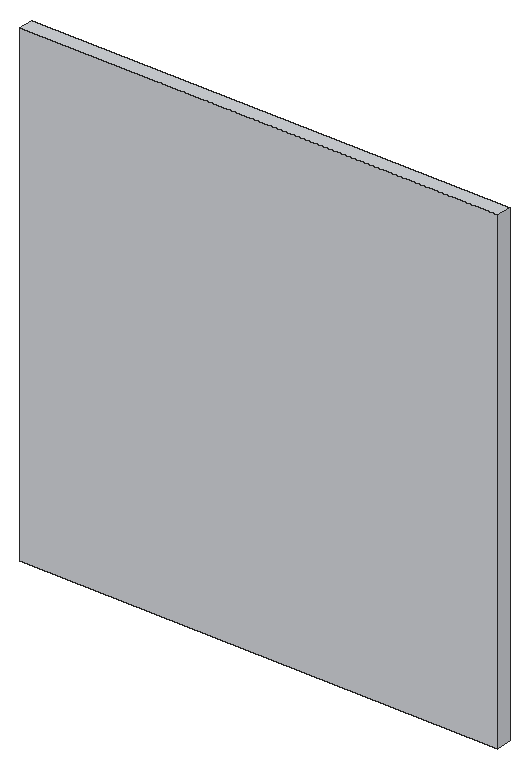
Revit family
Parameters
  výška = 1000 mm
  plocha [instance] = [built-in parameter 1001306] * výška  # 1.00 m²
  parapet = 300 mm
  materiál = none
  built-in parameter 1001306 [instance] = 1000 mm
Reference planes
  plane 1 "Střed (vpředu/vzadu)": y = 0
  plane 2: z = 0
  plane 3 "Levý": x = 0
  plane 4 "Pravý": x = 1000
Forms (mm)
  Sweep 1, solid
    path in 3D
      loop
        line (0, 0, 0) -> (1000, 0, 0)
    profile origin (500, 0, 0) x (0, 1, 0) y (0, 0, 1)
      loop
        line (0, 300) -> (0, 1300) -> (-30, 1300) -> (-30, 300) -> (0, 300)
Lines and regions (mm)
  reference lines
    curve 1: line (0, 0, 0) -> (1000, 0, 0)
  sketch lines
    curve 2: line (0, 0, 0) -> (1000, 0, 0)
Dimensions and locks
  "built-in parameter 1001306": plane 3 "Levý" to plane 4 "Pravý"
  "výška": Sweep 1 sketch curve to Sweep 1 sketch curve
  "parapet": profile plane to Sweep 1 sketch curve
  aligned and locked: plane 4 "Pravý" to curve 1
  aligned and locked: plane 1 "Střed (vpředu/vzadu)" to curve 1
  aligned and locked: plane 3 "Levý" to curve 1
  aligned and locked: level to plane 2
Automatic sketch dimensions
  Sweep 1 sketch curve to profile plane = 0 mm
  Sweep 1 sketch curve to Sweep 1 sketch curve = 30 mm
